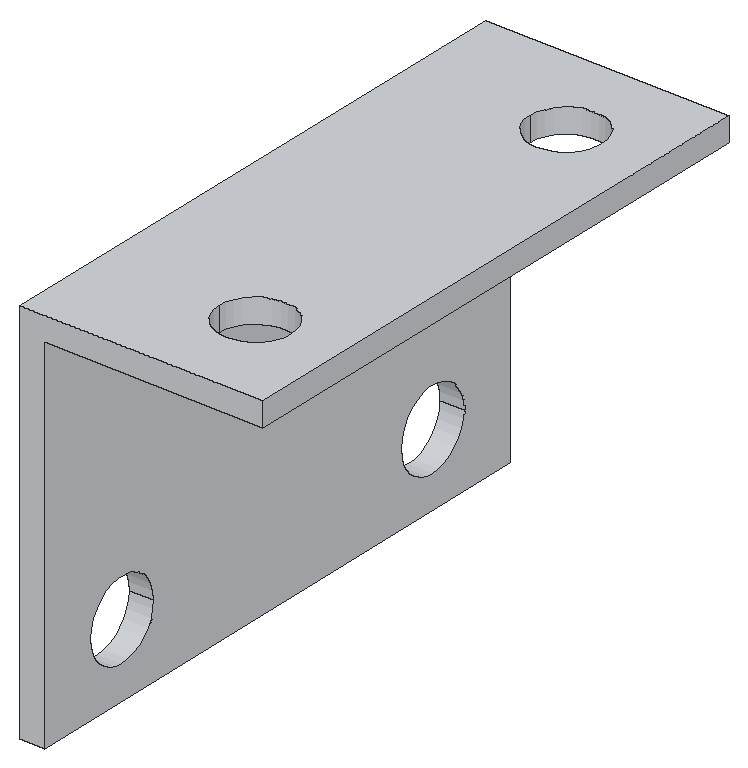
Revit family
Parameters (values of type "DWSUBRA")
  Model = ""
  Manufacturer = "CaptiveAire"
  Description = ""
  Assembly Code = ""
Reference planes (in)
  plane 1 "Center (Front/Back)": y = 0.22474
  plane 2: z = 0
  plane 3 "Center (Left/Right)": x = -6.88877
  plane 4: y = 1.22474
  plane 5: y = -0.77526
  plane 6: x = -6.07627
  plane 7: x = -3.90807
Forms (in)
  Extrusion 1, solid
    sketch origin (0, 0.22474, 0) x (1, 0, 0) y (0, 0, 1)
      loop
        line (-6.88877, -0.375) -> (-6.76377, -0.375) -> (-6.76377, 1.5) -> (-5.63877, 1.5) -> (-5.63877, 1.625) -> (-6.88877, 1.625) -> (-6.88877, -0.375)
    from -1.5 to 1.5
  Extrusion 2, void
    sketch origin (-6.88877, 0, 0) x (0, 1, 0) y (0, 0, 1)
      loop
        circle (1.22474, 0) r 0.205
      loop
        circle (-0.77526, 0) r 0.205
    from -1.5 to 1.5
  Extrusion 3, void
    sketch origin (-6.51568, 0.22474, 1.625) x (0, 1, 0) y (1, 0, 0)
      loop
        circle (1, 0.43941) r 0.1875
      loop
        circle (-1, 0.43941) r 0.1875
    from 0 to 0.25
Cuts and joins
  Extrusion 2, Extrusion 3 cuts Extrusion 1
Dimensions and locks (in)
  locked: Extrusion 1 sketch curve to plane 3 "Center (Left/Right)" at 1.25
  locked: Extrusion 1 sketch curve to Extrusion 1 sketch curve at 0.125
  locked: Extrusion 1 sketch curve to plane 3 "Center (Left/Right)" at 0.125
  locked: Extrusion 1 sketch curve to level at 0.375
  locked: Extrusion 1 sketch curve to Extrusion 1 sketch curve at 2
  locked: plane 5 to plane 1 "Center (Front/Back)" at 1
  locked: plane 4 to plane 1 "Center (Front/Back)" at 1
  locked: plane 6 to Extrusion 3 sketch curve  (x2)
  locked: plane 6 to cut or joined group of Extrusion 1, Extrusion 2, Extrusion 3 at 0.4375
  locked: plane 7 to cut or joined group of Extrusion 1, Extrusion 2, Extrusion 3 at 1.7307
  aligned and locked: plane 3 "Center (Left/Right)" to Extrusion 1 sketch curve
